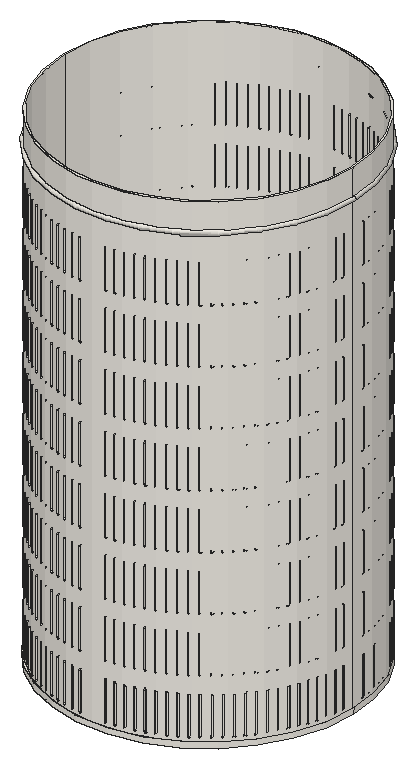
Revit family "Air Terminals_IVA", category Air Terminals, Revit 2017 (continued)
Definition of nested family "Void 6"
  Forms (mm)
    Extrusion 28, void
      sketch origin (0.004, -0.002, 600) x (0.494175, 0.869362, 0) y (0, 0, 1)
        loop
          arc (2.5, 100) -> (0, 102.5) -> (-2.5, 100) r 2.5
          line (-2.5, 100) -> (-2.5, 20)
          arc (-2.5, 20) -> (0, 17.5) -> (2.5, 20) r 2.5
          line (2.5, 20) -> (2.5, 100)
      from -319.154 to 326.21
    Extrusion 29, void
      sketch origin (0.004, -0.002, 600) x (0.398133, 0.917328, 0) y (0, 0, 1)
        loop
          arc (2.5, 100) -> (0, 102.5) -> (-2.5, 100) r 2.5
          line (-2.5, 100) -> (-2.5, 20)
          arc (-2.5, 20) -> (0, 17.5) -> (2.5, 20) r 2.5
          line (2.5, 20) -> (2.5, 100)
      from -319.154 to 326.21
    Extrusion 30, void
      sketch origin (0.004, -0.001, 600) x (0.297503, 0.954721, 0) y (0, 0, 1)
        loop
          arc (2.5, 100) -> (0, 102.5) -> (-2.5, 100) r 2.5
          line (-2.5, 100) -> (-2.5, 20)
          arc (-2.5, 20) -> (0, 17.5) -> (2.5, 20) r 2.5
          line (2.5, 20) -> (2.5, 100)
      from -319.154 to 326.21
    Extrusion 31, void
      sketch origin (0.004, -0.001, 600) x (0.193444, 0.981111, 0) y (0, 0, 1)
        loop
          arc (2.5, 100) -> (0, 102.5) -> (-2.5, 100) r 2.5
          line (-2.5, 100) -> (-2.5, 20)
          arc (-2.5, 20) -> (0, 17.5) -> (2.5, 20) r 2.5
          line (2.5, 20) -> (2.5, 100)
      from -319.154 to 326.21
  Cuts and joins
    Extrusion 4, Extrusion 5, Extrusion 6, Extrusion 7, Extrusion 8, Extrusion 9, Extrusion 10, Extrusion 11, Extrusion 12, Extrusion 13, Extrusion 14, Extrusion 15, Extrusion 16, Extrusion 17, Extrusion 18, Extrusion 19, Extrusion 20, Extrusion 21, Extrusion 22, Extrusion 23, Extrusion 24, Extrusion 25, Extrusion 26, Extrusion 27, Extrusion 28, Extrusion 29, Extrusion 30, Extrusion 31 cuts Extrusion 1
  Dimensions and locks
    "Maß A": plane 4 to level
    "Maß ØD-4": diameter of Extrusion 1 sketch curve
    "Maß ØD": diameter of Extrusion 1 sketch curve
    aligned and locked: level to plane 2
    aligned and locked: plane 4 to Extrusion 1
  Automatic sketch dimensions
    Extrusion 2 sketch curve to Extrusion 2 sketch curve = 80.0 mm
    Extrusion 2 sketch curve to Extrusion 2 sketch curve = 2.5 mm
    Extrusion 3 sketch curve to Extrusion 3 sketch curve = 80.0 mm
    Extrusion 3 sketch curve to Extrusion 3 sketch curve = 2.5 mm
    Extrusion 4 sketch curve to Extrusion 4 sketch curve = 2.5 mm
    Extrusion 4 sketch curve to Extrusion 4 sketch curve = 80.0 mm
    Extrusion 5 sketch curve to Extrusion 5 sketch curve = 2.5 mm
    Extrusion 5 sketch curve to Extrusion 5 sketch curve = 80.0 mm
    Extrusion 6 sketch curve to Extrusion 6 sketch curve = 2.5 mm
    Extrusion 6 sketch curve to Extrusion 6 sketch curve = 80.0 mm
    Extrusion 7 sketch curve to Extrusion 7 sketch curve = 2.5 mm
    Extrusion 7 sketch curve to Extrusion 7 sketch curve = 80.0 mm
    Extrusion 8 sketch curve to Extrusion 8 sketch curve = 2.5 mm
    Extrusion 8 sketch curve to Extrusion 8 sketch curve = 80.0 mm
    Extrusion 9 sketch curve to Extrusion 9 sketch curve = 2.5 mm
    Extrusion 9 sketch curve to Extrusion 9 sketch curve = 80.0 mm
    Extrusion 10 sketch curve to Extrusion 10 sketch curve = 2.5 mm
    Extrusion 10 sketch curve to Extrusion 10 sketch curve = 80.0 mm
    Extrusion 11 sketch curve to Extrusion 11 sketch curve = 2.5 mm
    Extrusion 11 sketch curve to Extrusion 11 sketch curve = 80.0 mm
    Extrusion 12 sketch curve to Extrusion 12 sketch curve = 2.5 mm
    Extrusion 12 sketch curve to Extrusion 12 sketch curve = 80.0 mm
    Extrusion 13 sketch curve to Extrusion 13 sketch curve = 2.5 mm
    Extrusion 13 sketch curve to Extrusion 13 sketch curve = 80.0 mm
    Extrusion 14 sketch curve to Extrusion 14 sketch curve = 2.5 mm
    Extrusion 14 sketch curve to Extrusion 14 sketch curve = 80.0 mm
    Extrusion 15 sketch curve to Extrusion 15 sketch curve = 2.5 mm
    Extrusion 15 sketch curve to Extrusion 15 sketch curve = 80.0 mm
    Extrusion 16 sketch curve to Extrusion 16 sketch curve = 2.5 mm
    Extrusion 16 sketch curve to Extrusion 16 sketch curve = 80.0 mm
    Extrusion 17 sketch curve to Extrusion 17 sketch curve = 2.5 mm
    Extrusion 17 sketch curve to Extrusion 17 sketch curve = 80.0 mm
    Extrusion 18 sketch curve to Extrusion 18 sketch curve = 2.5 mm
    Extrusion 18 sketch curve to Extrusion 18 sketch curve = 80.0 mm
    Extrusion 19 sketch curve to Extrusion 19 sketch curve = 2.5 mm
    Extrusion 19 sketch curve to Extrusion 19 sketch curve = 80.0 mm
    Extrusion 20 sketch curve to Extrusion 20 sketch curve = 2.5 mm
    Extrusion 20 sketch curve to Extrusion 20 sketch curve = 80.0 mm
    Extrusion 21 sketch curve to Extrusion 21 sketch curve = 2.5 mm
    Extrusion 21 sketch curve to Extrusion 21 sketch curve = 80.0 mm
    Extrusion 22 sketch curve to Extrusion 22 sketch curve = 2.5 mm
    Extrusion 22 sketch curve to Extrusion 22 sketch curve = 80.0 mm
    Extrusion 23 sketch curve to Extrusion 23 sketch curve = 2.5 mm
    Extrusion 23 sketch curve to Extrusion 23 sketch curve = 80.0 mm
    Extrusion 24 sketch curve to Extrusion 24 sketch curve = 2.5 mm
    Extrusion 24 sketch curve to Extrusion 24 sketch curve = 80.0 mm
    Extrusion 25 sketch curve to Extrusion 25 sketch curve = 2.5 mm
    Extrusion 25 sketch curve to Extrusion 25 sketch curve = 80.0 mm
    Extrusion 26 sketch curve to Extrusion 26 sketch curve = 2.5 mm
    Extrusion 26 sketch curve to Extrusion 26 sketch curve = 80.0 mm
    Extrusion 27 sketch curve to Extrusion 27 sketch curve = 2.5 mm
    Extrusion 27 sketch curve to Extrusion 27 sketch curve = 80.0 mm
    Extrusion 28 sketch curve to Extrusion 28 sketch curve = 2.5 mm
    Extrusion 28 sketch curve to Extrusion 28 sketch curve = 80.0 mm
    Extrusion 29 sketch curve to Extrusion 29 sketch curve = 2.5 mm
    Extrusion 29 sketch curve to Extrusion 29 sketch curve = 80.0 mm
    Extrusion 30 sketch curve to Extrusion 30 sketch curve = 2.5 mm
    Extrusion 30 sketch curve to Extrusion 30 sketch curve = 80.0 mm
    Extrusion 31 sketch curve to Extrusion 31 sketch curve = 2.5 mm
    Extrusion 31 sketch curve to Extrusion 31 sketch curve = 80.0 mm
    Extrusion 1 sketch curve to Extrusion 1 sketch curve = 0.0 mm  (x2)
    plane 1 "Center (Front/Back)" to Extrusion 1 sketch curve = 0.0 mm
    Extrusion 1 sketch curve to plane 3 "Center (Left/Right)" = 0.0 mm
Definition of nested family "Void 7"
  Parameters (values of type "Void 7")
    Void 7 = no
    Maß ØD-4 = Maß ØD - 6.0 mm  # 242.0 mm
    Maß ØD = 248.0 mm
    Maß A = 1059.5 mm
    Array radial = 14
  Reference planes
    plane 1 "Center (Front/Back)": y = 0
    plane 2: z = 0
    plane 3 "Center (Left/Right)": x = 0
    plane 4: z = 1059.5
  Forms (mm)
    Extrusion 1, solid
      sketch origin (0, 0, 0) x (1, 0, 0) y (0, 1, 0)
        loop
          circle (0, 0) r 124
        loop
          circle (0, 0) r 121
      from 0 to 1059.5
    Extrusion 2, void
      sketch origin (0, -0.004, 720) x (0.996195, -0.087156, 0) y (0, 0, 1)
        loop
          arc (2.5, 100) -> (0, 102.5) -> (-2.5, 100) r 2.5
          line (-2.5, 100) -> (-2.5, 20)
          arc (-2.5, 20) -> (0, 17.5) -> (2.5, 20) r 2.5
          line (2.5, 20) -> (2.5, 100)
      from -319.154 to 326.21
    Extrusion 3, void
      sketch origin (0, -0.004, 720) x (0.996195, 0.087156, 0) y (0, 0, 1)
        loop
          arc (2.5, 100) -> (0, 102.5) -> (-2.5, 100) r 2.5
          line (-2.5, 100) -> (-2.5, 20)
          arc (-2.5, 20) -> (0, 17.5) -> (2.5, 20) r 2.5
          line (2.5, 20) -> (2.5, 100)
      from -319.154 to 326.21
    Extrusion 4, void
      sketch origin (-0.004, 0, 720) x (0.087156, -0.996195, 0) y (0, 0, 1)
        loop
          arc (2.5, 100) -> (0, 102.5) -> (-2.5, 100) r 2.5
          line (-2.5, 100) -> (-2.5, 20)
          arc (-2.5, 20) -> (0, 17.5) -> (2.5, 20) r 2.5
          line (2.5, 20) -> (2.5, 100)
      from -319.154 to 326.21
    Extrusion 5, void
      sketch origin (-0.001, -0.004, 720) x (0.981111, -0.193444, 0) y (0, 0, 1)
        loop
          arc (2.5, 100) -> (0, 102.5) -> (-2.5, 100) r 2.5
          line (-2.5, 100) -> (-2.5, 20)
          arc (-2.5, 20) -> (0, 17.5) -> (2.5, 20) r 2.5
          line (2.5, 20) -> (2.5, 100)
      from -319.154 to 326.21
    Extrusion 6, void
      sketch origin (-0.001, -0.004, 720) x (0.954721, -0.297503, 0) y (0, 0, 1)
        loop
          arc (2.5, 100) -> (0, 102.5) -> (-2.5, 100) r 2.5
          line (-2.5, 100) -> (-2.5, 20)
          arc (-2.5, 20) -> (0, 17.5) -> (2.5, 20) r 2.5
          line (2.5, 20) -> (2.5, 100)
      from -319.154 to 326.21
    Extrusion 7, void
      sketch origin (-0.002, -0.004, 720) x (0.917328, -0.398133, 0) y (0, 0, 1)
        loop
          arc (2.5, 100) -> (0, 102.5) -> (-2.5, 100) r 2.5
          line (-2.5, 100) -> (-2.5, 20)
          arc (-2.5, 20) -> (0, 17.5) -> (2.5, 20) r 2.5
          line (2.5, 20) -> (2.5, 100)
      from -319.154 to 326.21
    Extrusion 8, void
      sketch origin (-0.002, -0.004, 720) x (0.869362, -0.494175, 0) y (0, 0, 1)
        loop
          arc (2.5, 100) -> (0, 102.5) -> (-2.5, 100) r 2.5
          line (-2.5, 100) -> (-2.5, 20)
          arc (-2.5, 20) -> (0, 17.5) -> (2.5, 20) r 2.5
          line (2.5, 20) -> (2.5, 100)
      from -319.154 to 326.21
    Extrusion 9, void
      sketch origin (-0.002, -0.003, 720) x (0.811378, -0.584522, 0) y (0, 0, 1)
        loop
          arc (2.5, 100) -> (0, 102.5) -> (-2.5, 100) r 2.5
          line (-2.5, 100) -> (-2.5, 20)
          arc (-2.5, 20) -> (0, 17.5) -> (2.5, 20) r 2.5
          line (2.5, 20) -> (2.5, 100)
      from -319.154 to 326.21
    Extrusion 10, void
      sketch origin (-0.003, -0.003, 720) x (0.744043, -0.668132, 0) y (0, 0, 1)
        loop
          arc (2.5, 100) -> (0, 102.5) -> (-2.5, 100) r 2.5
          line (-2.5, 100) -> (-2.5, 20)
          arc (-2.5, 20) -> (0, 17.5) -> (2.5, 20) r 2.5
          line (2.5, 20) -> (2.5, 100)
      from -319.154 to 326.21
    Extrusion 11, void
      sketch origin (-0.003, -0.003, 720) x (0.668132, -0.744043, 0) y (0, 0, 1)
        loop
          arc (2.5, 100) -> (0, 102.5) -> (-2.5, 100) r 2.5
          line (-2.5, 100) -> (-2.5, 20)
          arc (-2.5, 20) -> (0, 17.5) -> (2.5, 20) r 2.5
          line (2.5, 20) -> (2.5, 100)
      from -319.154 to 326.21
    Extrusion 12, void
      sketch origin (-0.003, -0.002, 720) x (0.584522, -0.811378, 0) y (0, 0, 1)
        loop
          arc (2.5, 100) -> (0, 102.5) -> (-2.5, 100) r 2.5
          line (-2.5, 100) -> (-2.5, 20)
          arc (-2.5, 20) -> (0, 17.5) -> (2.5, 20) r 2.5
          line (2.5, 20) -> (2.5, 100)
      from -319.154 to 326.21
    Extrusion 13, void
      sketch origin (-0.004, -0.002, 720) x (0.494175, -0.869362, 0) y (0, 0, 1)
        loop
          arc (2.5, 100) -> (0, 102.5) -> (-2.5, 100) r 2.5
          line (-2.5, 100) -> (-2.5, 20)
          arc (-2.5, 20) -> (0, 17.5) -> (2.5, 20) r 2.5
          line (2.5, 20) -> (2.5, 100)
      from -319.154 to 326.21
    Extrusion 14, void
      sketch origin (-0.004, -0.002, 720) x (0.398133, -0.917328, 0) y (0, 0, 1)
        loop
          arc (2.5, 100) -> (0, 102.5) -> (-2.5, 100) r 2.5
          line (-2.5, 100) -> (-2.5, 20)
          arc (-2.5, 20) -> (0, 17.5) -> (2.5, 20) r 2.5
          line (2.5, 20) -> (2.5, 100)
      from -319.154 to 326.21
    Extrusion 15, void
      sketch origin (-0.004, -0.001, 720) x (0.297503, -0.954721, 0) y (0, 0, 1)
        loop
          arc (2.5, 100) -> (0, 102.5) -> (-2.5, 100) r 2.5
          line (-2.5, 100) -> (-2.5, 20)
          arc (-2.5, 20) -> (0, 17.5) -> (2.5, 20) r 2.5
          line (2.5, 20) -> (2.5, 100)
      from -319.154 to 326.21
    Extrusion 16, void
      sketch origin (-0.004, -0.001, 720) x (0.193444, -0.981111, 0) y (0, 0, 1)
        loop
          arc (2.5, 100) -> (0, 102.5) -> (-2.5, 100) r 2.5
          line (-2.5, 100) -> (-2.5, 20)
          arc (-2.5, 20) -> (0, 17.5) -> (2.5, 20) r 2.5
          line (2.5, 20) -> (2.5, 100)
      from -319.154 to 326.21
    Extrusion 17, void
      sketch origin (0.004, 0, 720) x (0.087156, 0.996195, 0) y (0, 0, 1)
        loop
          arc (2.5, 100) -> (0, 102.5) -> (-2.5, 100) r 2.5
          line (-2.5, 100) -> (-2.5, 20)
          arc (-2.5, 20) -> (0, 17.5) -> (2.5, 20) r 2.5
          line (2.5, 20) -> (2.5, 100)
      from -319.154 to 326.21
    Extrusion 18, void
      sketch origin (0.001, -0.004, 720) x (0.981111, 0.193444, 0) y (0, 0, 1)
        loop
          arc (2.5, 100) -> (0, 102.5) -> (-2.5, 100) r 2.5
          line (-2.5, 100) -> (-2.5, 20)
          arc (-2.5, 20) -> (0, 17.5) -> (2.5, 20) r 2.5
          line (2.5, 20) -> (2.5, 100)
      from -319.154 to 326.21
    Extrusion 19, void
      sketch origin (0.001, -0.004, 720) x (0.954721, 0.297503, 0) y (0, 0, 1)
        loop
          arc (2.5, 100) -> (0, 102.5) -> (-2.5, 100) r 2.5
          line (-2.5, 100) -> (-2.5, 20)
          arc (-2.5, 20) -> (0, 17.5) -> (2.5, 20) r 2.5
          line (2.5, 20) -> (2.5, 100)
      from -319.154 to 326.21
    Extrusion 20, void
      sketch origin (0.002, -0.004, 720) x (0.917328, 0.398133, 0) y (0, 0, 1)
        loop
          arc (2.5, 100) -> (0, 102.5) -> (-2.5, 100) r 2.5
          line (-2.5, 100) -> (-2.5, 20)
          arc (-2.5, 20) -> (0, 17.5) -> (2.5, 20) r 2.5
          line (2.5, 20) -> (2.5, 100)
      from -319.154 to 326.21
    Extrusion 21, void
      sketch origin (0.002, -0.004, 720) x (0.869362, 0.494175, 0) y (0, 0, 1)
        loop
          arc (2.5, 100) -> (0, 102.5) -> (-2.5, 100) r 2.5
          line (-2.5, 100) -> (-2.5, 20)
          arc (-2.5, 20) -> (0, 17.5) -> (2.5, 20) r 2.5
          line (2.5, 20) -> (2.5, 100)
      from -319.154 to 326.21
    Extrusion 22, void
      sketch origin (0.002, -0.003, 720) x (0.811378, 0.584522, 0) y (0, 0, 1)
        loop
          arc (2.5, 100) -> (0, 102.5) -> (-2.5, 100) r 2.5
          line (-2.5, 100) -> (-2.5, 20)
          arc (-2.5, 20) -> (0, 17.5) -> (2.5, 20) r 2.5
          line (2.5, 20) -> (2.5, 100)
      from -319.154 to 326.21
    Extrusion 23, void
      sketch origin (0.003, -0.003, 720) x (0.744043, 0.668132, 0) y (0, 0, 1)
        loop
          arc (2.5, 100) -> (0, 102.5) -> (-2.5, 100) r 2.5
          line (-2.5, 100) -> (-2.5, 20)
          arc (-2.5, 20) -> (0, 17.5) -> (2.5, 20) r 2.5
          line (2.5, 20) -> (2.5, 100)
      from -319.154 to 326.21
    Extrusion 24, void
      sketch origin (0.003, -0.003, 720) x (0.668132, 0.744043, 0) y (0, 0, 1)
        loop
          arc (2.5, 100) -> (0, 102.5) -> (-2.5, 100) r 2.5
          line (-2.5, 100) -> (-2.5, 20)
          arc (-2.5, 20) -> (0, 17.5) -> (2.5, 20) r 2.5
          line (2.5, 20) -> (2.5, 100)
      from -319.154 to 326.21
    Extrusion 25, void
      sketch origin (0.003, -0.002, 720) x (0.584522, 0.811378, 0) y (0, 0, 1)
        loop
          arc (2.5, 100) -> (0, 102.5) -> (-2.5, 100) r 2.5
          line (-2.5, 100) -> (-2.5, 20)
          arc (-2.5, 20) -> (0, 17.5) -> (2.5, 20) r 2.5
          line (2.5, 20) -> (2.5, 100)
      from -319.154 to 326.21
    Extrusion 26, void
      sketch origin (0.004, -0.002, 720) x (0.494175, 0.869362, 0) y (0, 0, 1)
        loop
          arc (2.5, 100) -> (0, 102.5) -> (-2.5, 100) r 2.5
          line (-2.5, 100) -> (-2.5, 20)
          arc (-2.5, 20) -> (0, 17.5) -> (2.5, 20) r 2.5
          line (2.5, 20) -> (2.5, 100)
      from -319.154 to 326.21
    Extrusion 27, void
      sketch origin (0.004, -0.002, 720) x (0.398133, 0.917328, 0) y (0, 0, 1)
        loop
          arc (2.5, 100) -> (0, 102.5) -> (-2.5, 100) r 2.5
          line (-2.5, 100) -> (-2.5, 20)
          arc (-2.5, 20) -> (0, 17.5) -> (2.5, 20) r 2.5
          line (2.5, 20) -> (2.5, 100)
      from -319.154 to 326.21
    Extrusion 28, void
      sketch origin (0.004, -0.001, 720) x (0.297503, 0.954721, 0) y (0, 0, 1)
        loop
          arc (2.5, 100) -> (0, 102.5) -> (-2.5, 100) r 2.5
          line (-2.5, 100) -> (-2.5, 20)
          arc (-2.5, 20) -> (0, 17.5) -> (2.5, 20) r 2.5
          line (2.5, 20) -> (2.5, 100)
      from -319.154 to 326.21
    Extrusion 29, void
      sketch origin (0.004, -0.001, 720) x (0.193444, 0.981111, 0) y (0, 0, 1)
        loop
          arc (2.5, 100) -> (0, 102.5) -> (-2.5, 100) r 2.5
          line (-2.5, 100) -> (-2.5, 20)
          arc (-2.5, 20) -> (0, 17.5) -> (2.5, 20) r 2.5
          line (2.5, 20) -> (2.5, 100)
      from -319.154 to 326.21
  Cuts and joins
    Extrusion 2, Extrusion 3, Extrusion 4, Extrusion 5, Extrusion 6, Extrusion 7, Extrusion 8, Extrusion 9, Extrusion 10, Extrusion 11, Extrusion 12, Extrusion 13, Extrusion 14, Extrusion 15, Extrusion 16, Extrusion 17, Extrusion 18, Extrusion 19, Extrusion 20, Extrusion 21, Extrusion 22, Extrusion 23, Extrusion 24, Extrusion 25, Extrusion 26, Extrusion 27, Extrusion 28, Extrusion 29 cuts Extrusion 1
  Dimensions and locks
    "Maß A": plane 4 to level
    "Maß ØD-4": diameter of Extrusion 1 sketch curve
    "Maß ØD": diameter of Extrusion 1 sketch curve
    aligned and locked: level to plane 2
    aligned and locked: plane 4 to Extrusion 1
  Automatic sketch dimensions
    Extrusion 2 sketch curve to Extrusion 2 sketch curve = 2.5 mm
    Extrusion 2 sketch curve to Extrusion 2 sketch curve = 80.0 mm
    Extrusion 3 sketch curve to Extrusion 3 sketch curve = 2.5 mm
    Extrusion 3 sketch curve to Extrusion 3 sketch curve = 80.0 mm
    Extrusion 4 sketch curve to Extrusion 4 sketch curve = 2.5 mm
    Extrusion 4 sketch curve to Extrusion 4 sketch curve = 80.0 mm
    Extrusion 5 sketch curve to Extrusion 5 sketch curve = 2.5 mm
    Extrusion 5 sketch curve to Extrusion 5 sketch curve = 80.0 mm
    Extrusion 6 sketch curve to Extrusion 6 sketch curve = 2.5 mm
    Extrusion 6 sketch curve to Extrusion 6 sketch curve = 80.0 mm
    Extrusion 7 sketch curve to Extrusion 7 sketch curve = 2.5 mm
    Extrusion 7 sketch curve to Extrusion 7 sketch curve = 80.0 mm
    Extrusion 8 sketch curve to Extrusion 8 sketch curve = 2.5 mm
    Extrusion 8 sketch curve to Extrusion 8 sketch curve = 80.0 mm
    Extrusion 9 sketch curve to Extrusion 9 sketch curve = 2.5 mm
    Extrusion 9 sketch curve to Extrusion 9 sketch curve = 80.0 mm
    Extrusion 10 sketch curve to Extrusion 10 sketch curve = 2.5 mm
    Extrusion 10 sketch curve to Extrusion 10 sketch curve = 80.0 mm
    Extrusion 11 sketch curve to Extrusion 11 sketch curve = 2.5 mm
    Extrusion 11 sketch curve to Extrusion 11 sketch curve = 80.0 mm
    Extrusion 12 sketch curve to Extrusion 12 sketch curve = 2.5 mm
    Extrusion 12 sketch curve to Extrusion 12 sketch curve = 80.0 mm
    Extrusion 13 sketch curve to Extrusion 13 sketch curve = 2.5 mm
    Extrusion 13 sketch curve to Extrusion 13 sketch curve = 80.0 mm
    Extrusion 14 sketch curve to Extrusion 14 sketch curve = 2.5 mm
    Extrusion 14 sketch curve to Extrusion 14 sketch curve = 80.0 mm
    Extrusion 15 sketch curve to Extrusion 15 sketch curve = 2.5 mm
    Extrusion 15 sketch curve to Extrusion 15 sketch curve = 80.0 mm
    Extrusion 16 sketch curve to Extrusion 16 sketch curve = 2.5 mm
    Extrusion 16 sketch curve to Extrusion 16 sketch curve = 80.0 mm
    Extrusion 17 sketch curve to Extrusion 17 sketch curve = 2.5 mm
    Extrusion 17 sketch curve to Extrusion 17 sketch curve = 80.0 mm
    Extrusion 18 sketch curve to Extrusion 18 sketch curve = 2.5 mm
    Extrusion 18 sketch curve to Extrusion 18 sketch curve = 80.0 mm
    Extrusion 19 sketch curve to Extrusion 19 sketch curve = 2.5 mm
    Extrusion 19 sketch curve to Extrusion 19 sketch curve = 80.0 mm
    Extrusion 20 sketch curve to Extrusion 20 sketch curve = 2.5 mm
    Extrusion 20 sketch curve to Extrusion 20 sketch curve = 80.0 mm
    Extrusion 21 sketch curve to Extrusion 21 sketch curve = 2.5 mm
    Extrusion 21 sketch curve to Extrusion 21 sketch curve = 80.0 mm
    Extrusion 22 sketch curve to Extrusion 22 sketch curve = 2.5 mm
    Extrusion 22 sketch curve to Extrusion 22 sketch curve = 80.0 mm
    Extrusion 23 sketch curve to Extrusion 23 sketch curve = 2.5 mm
    Extrusion 23 sketch curve to Extrusion 23 sketch curve = 80.0 mm
    Extrusion 24 sketch curve to Extrusion 24 sketch curve = 2.5 mm
    Extrusion 24 sketch curve to Extrusion 24 sketch curve = 80.0 mm
    Extrusion 25 sketch curve to Extrusion 25 sketch curve = 2.5 mm
    Extrusion 25 sketch curve to Extrusion 25 sketch curve = 80.0 mm
    Extrusion 26 sketch curve to Extrusion 26 sketch curve = 2.5 mm
    Extrusion 26 sketch curve to Extrusion 26 sketch curve = 80.0 mm
    Extrusion 27 sketch curve to Extrusion 27 sketch curve = 2.5 mm
    Extrusion 27 sketch curve to Extrusion 27 sketch curve = 80.0 mm
    Extrusion 28 sketch curve to Extrusion 28 sketch curve = 2.5 mm
    Extrusion 28 sketch curve to Extrusion 28 sketch curve = 80.0 mm
    Extrusion 29 sketch curve to Extrusion 29 sketch curve = 2.5 mm
    Extrusion 29 sketch curve to Extrusion 29 sketch curve = 80.0 mm
    Extrusion 1 sketch curve to Extrusion 1 sketch curve = 0.0 mm  (x2)
    plane 1 "Center (Front/Back)" to Extrusion 1 sketch curve = 0.0 mm
    Extrusion 1 sketch curve to plane 3 "Center (Left/Right)" = 0.0 mm
Definition of nested family "Void 8"
  Parameters (values of type "Void 8")
    Void 8 = no
    Maß ØD-4 = Maß ØD - 6.0 mm  # 242.0 mm
    Maß ØD = 248.0 mm
    Maß A = 1059.5 mm
    Array radial = 14
  Reference planes
    plane 1 "Center (Front/Back)": y = 0
    plane 2: z = 0
    plane 3 "Center (Left/Right)": x = 0
    plane 4: z = 1059.5
  Forms (mm)
    Extrusion 1, solid
      sketch origin (0, 0, 0) x (1, 0, 0) y (0, 1, 0)
        loop
          circle (0, 0) r 124
        loop
          circle (0, 0) r 121
      from 0 to 1059.5
    Extrusion 2, void
      sketch origin (0, -0.004, 840) x (0.996195, -0.087156, 0) y (0, 0, 1)
        loop
          arc (2.5, 100) -> (0, 102.5) -> (-2.5, 100) r 2.5
          line (-2.5, 100) -> (-2.5, 20)
          arc (-2.5, 20) -> (0, 17.5) -> (2.5, 20) r 2.5
          line (2.5, 20) -> (2.5, 100)
      from -319.154 to 326.21
    Extrusion 3, void
      sketch origin (0, -0.004, 840) x (0.996195, 0.087156, 0) y (0, 0, 1)
        loop
          arc (2.5, 100) -> (0, 102.5) -> (-2.5, 100) r 2.5
          line (-2.5, 100) -> (-2.5, 20)
          arc (-2.5, 20) -> (0, 17.5) -> (2.5, 20) r 2.5
          line (2.5, 20) -> (2.5, 100)
      from -319.154 to 326.21
    Extrusion 4, void
      sketch origin (-0.004, 0, 840) x (0.087156, -0.996195, 0) y (0, 0, 1)
        loop
          arc (2.5, 100) -> (0, 102.5) -> (-2.5, 100) r 2.5
          line (-2.5, 100) -> (-2.5, 20)
          arc (-2.5, 20) -> (0, 17.5) -> (2.5, 20) r 2.5
          line (2.5, 20) -> (2.5, 100)
      from -319.154 to 326.21
    Extrusion 5, void
      sketch origin (-0.001, -0.004, 840) x (0.981111, -0.193444, 0) y (0, 0, 1)
        loop
          arc (2.5, 100) -> (0, 102.5) -> (-2.5, 100) r 2.5
          line (-2.5, 100) -> (-2.5, 20)
          arc (-2.5, 20) -> (0, 17.5) -> (2.5, 20) r 2.5
          line (2.5, 20) -> (2.5, 100)
      from -319.154 to 326.21
    Extrusion 6, void
      sketch origin (-0.001, -0.004, 840) x (0.954721, -0.297503, 0) y (0, 0, 1)
        loop
          arc (2.5, 100) -> (0, 102.5) -> (-2.5, 100) r 2.5
          line (-2.5, 100) -> (-2.5, 20)
          arc (-2.5, 20) -> (0, 17.5) -> (2.5, 20) r 2.5
          line (2.5, 20) -> (2.5, 100)
      from -319.154 to 326.21
    Extrusion 7, void
      sketch origin (-0.002, -0.004, 840) x (0.917328, -0.398133, 0) y (0, 0, 1)
        loop
          arc (2.5, 100) -> (0, 102.5) -> (-2.5, 100) r 2.5
          line (-2.5, 100) -> (-2.5, 20)
          arc (-2.5, 20) -> (0, 17.5) -> (2.5, 20) r 2.5
          line (2.5, 20) -> (2.5, 100)
      from -319.154 to 326.21
    Extrusion 8, void
      sketch origin (-0.002, -0.004, 840) x (0.869362, -0.494175, 0) y (0, 0, 1)
        loop
          arc (2.5, 100) -> (0, 102.5) -> (-2.5, 100) r 2.5
          line (-2.5, 100) -> (-2.5, 20)
          arc (-2.5, 20) -> (0, 17.5) -> (2.5, 20) r 2.5
          line (2.5, 20) -> (2.5, 100)
      from -319.154 to 326.21
    Extrusion 9, void
      sketch origin (-0.002, -0.003, 840) x (0.811378, -0.584522, 0) y (0, 0, 1)
        loop
          arc (2.5, 100) -> (0, 102.5) -> (-2.5, 100) r 2.5
          line (-2.5, 100) -> (-2.5, 20)
          arc (-2.5, 20) -> (0, 17.5) -> (2.5, 20) r 2.5
          line (2.5, 20) -> (2.5, 100)
      from -319.154 to 326.21
    Extrusion 10, void
      sketch origin (-0.003, -0.003, 840) x (0.744043, -0.668132, 0) y (0, 0, 1)
        loop
          arc (2.5, 100) -> (0, 102.5) -> (-2.5, 100) r 2.5
          line (-2.5, 100) -> (-2.5, 20)
          arc (-2.5, 20) -> (0, 17.5) -> (2.5, 20) r 2.5
          line (2.5, 20) -> (2.5, 100)
      from -319.154 to 326.21
    Extrusion 11, void
      sketch origin (-0.003, -0.003, 840) x (0.668132, -0.744043, 0) y (0, 0, 1)
        loop
          arc (2.5, 100) -> (0, 102.5) -> (-2.5, 100) r 2.5
          line (-2.5, 100) -> (-2.5, 20)
          arc (-2.5, 20) -> (0, 17.5) -> (2.5, 20) r 2.5
          line (2.5, 20) -> (2.5, 100)
      from -319.154 to 326.21
    Extrusion 12, void
      sketch origin (-0.003, -0.002, 840) x (0.584522, -0.811378, 0) y (0, 0, 1)
        loop
          arc (2.5, 100) -> (0, 102.5) -> (-2.5, 100) r 2.5
          line (-2.5, 100) -> (-2.5, 20)
          arc (-2.5, 20) -> (0, 17.5) -> (2.5, 20) r 2.5
          line (2.5, 20) -> (2.5, 100)
      from -319.154 to 326.21
    Extrusion 13, void
      sketch origin (-0.004, -0.002, 840) x (0.494175, -0.869362, 0) y (0, 0, 1)
        loop
          arc (2.5, 100) -> (0, 102.5) -> (-2.5, 100) r 2.5
          line (-2.5, 100) -> (-2.5, 20)
          arc (-2.5, 20) -> (0, 17.5) -> (2.5, 20) r 2.5
          line (2.5, 20) -> (2.5, 100)
      from -319.154 to 326.21
    Extrusion 14, void
      sketch origin (-0.004, -0.002, 840) x (0.398133, -0.917328, 0) y (0, 0, 1)
        loop
          arc (2.5, 100) -> (0, 102.5) -> (-2.5, 100) r 2.5
          line (-2.5, 100) -> (-2.5, 20)
          arc (-2.5, 20) -> (0, 17.5) -> (2.5, 20) r 2.5
          line (2.5, 20) -> (2.5, 100)
      from -319.154 to 326.21
    Extrusion 15, void
      sketch origin (-0.004, -0.001, 840) x (0.297503, -0.954721, 0) y (0, 0, 1)
        loop
          arc (2.5, 100) -> (0, 102.5) -> (-2.5, 100) r 2.5
          line (-2.5, 100) -> (-2.5, 20)
          arc (-2.5, 20) -> (0, 17.5) -> (2.5, 20) r 2.5
          line (2.5, 20) -> (2.5, 100)
      from -319.154 to 326.21
    Extrusion 16, void
      sketch origin (-0.004, -0.001, 840) x (0.193444, -0.981111, 0) y (0, 0, 1)
        loop
          arc (2.5, 100) -> (0, 102.5) -> (-2.5, 100) r 2.5
          line (-2.5, 100) -> (-2.5, 20)
          arc (-2.5, 20) -> (0, 17.5) -> (2.5, 20) r 2.5
          line (2.5, 20) -> (2.5, 100)
      from -319.154 to 326.21
    Extrusion 17, void
      sketch origin (0.004, 0, 840) x (0.087156, 0.996195, 0) y (0, 0, 1)
        loop
          arc (2.5, 100) -> (0, 102.5) -> (-2.5, 100) r 2.5
          line (-2.5, 100) -> (-2.5, 20)
          arc (-2.5, 20) -> (0, 17.5) -> (2.5, 20) r 2.5
          line (2.5, 20) -> (2.5, 100)
      from -319.154 to 326.21
    Extrusion 18, void
      sketch origin (0.001, -0.004, 840) x (0.981111, 0.193444, 0) y (0, 0, 1)
        loop
          arc (2.5, 100) -> (0, 102.5) -> (-2.5, 100) r 2.5
          line (-2.5, 100) -> (-2.5, 20)
          arc (-2.5, 20) -> (0, 17.5) -> (2.5, 20) r 2.5
          line (2.5, 20) -> (2.5, 100)
      from -319.154 to 326.21
    Extrusion 19, void
      sketch origin (0.001, -0.004, 840) x (0.954721, 0.297503, 0) y (0, 0, 1)
        loop
          arc (2.5, 100) -> (0, 102.5) -> (-2.5, 100) r 2.5
          line (-2.5, 100) -> (-2.5, 20)
          arc (-2.5, 20) -> (0, 17.5) -> (2.5, 20) r 2.5
          line (2.5, 20) -> (2.5, 100)
      from -319.154 to 326.21
    Extrusion 20, void
      sketch origin (0.002, -0.004, 840) x (0.917328, 0.398133, 0) y (0, 0, 1)
        loop
          arc (2.5, 100) -> (0, 102.5) -> (-2.5, 100) r 2.5
          line (-2.5, 100) -> (-2.5, 20)
          arc (-2.5, 20) -> (0, 17.5) -> (2.5, 20) r 2.5
          line (2.5, 20) -> (2.5, 100)
      from -319.154 to 326.21
    Extrusion 21, void
      sketch origin (0.002, -0.004, 840) x (0.869362, 0.494175, 0) y (0, 0, 1)
        loop
          arc (2.5, 100) -> (0, 102.5) -> (-2.5, 100) r 2.5
          line (-2.5, 100) -> (-2.5, 20)
          arc (-2.5, 20) -> (0, 17.5) -> (2.5, 20) r 2.5
          line (2.5, 20) -> (2.5, 100)
      from -319.154 to 326.21
    Extrusion 22, void
      sketch origin (0.002, -0.003, 840) x (0.811378, 0.584522, 0) y (0, 0, 1)
        loop
          arc (2.5, 100) -> (0, 102.5) -> (-2.5, 100) r 2.5
          line (-2.5, 100) -> (-2.5, 20)
          arc (-2.5, 20) -> (0, 17.5) -> (2.5, 20) r 2.5
          line (2.5, 20) -> (2.5, 100)
      from -319.154 to 326.21
    Extrusion 23, void
      sketch origin (0.003, -0.003, 840) x (0.744043, 0.668132, 0) y (0, 0, 1)
        loop
          arc (2.5, 100) -> (0, 102.5) -> (-2.5, 100) r 2.5
          line (-2.5, 100) -> (-2.5, 20)
          arc (-2.5, 20) -> (0, 17.5) -> (2.5, 20) r 2.5
          line (2.5, 20) -> (2.5, 100)
      from -319.154 to 326.21
    Extrusion 24, void
      sketch origin (0.003, -0.003, 840) x (0.668132, 0.744043, 0) y (0, 0, 1)
        loop
          arc (2.5, 100) -> (0, 102.5) -> (-2.5, 100) r 2.5
          line (-2.5, 100) -> (-2.5, 20)
          arc (-2.5, 20) -> (0, 17.5) -> (2.5, 20) r 2.5
          line (2.5, 20) -> (2.5, 100)
      from -319.154 to 326.21
    Extrusion 25, void
      sketch origin (0.003, -0.002, 840) x (0.584522, 0.811378, 0) y (0, 0, 1)
        loop
          arc (2.5, 100) -> (0, 102.5) -> (-2.5, 100) r 2.5
          line (-2.5, 100) -> (-2.5, 20)
          arc (-2.5, 20) -> (0, 17.5) -> (2.5, 20) r 2.5
          line (2.5, 20) -> (2.5, 100)
      from -319.154 to 326.21
    Extrusion 26, void
      sketch origin (0.004, -0.002, 840) x (0.494175, 0.869362, 0) y (0, 0, 1)
        loop
          arc (2.5, 100) -> (0, 102.5) -> (-2.5, 100) r 2.5
          line (-2.5, 100) -> (-2.5, 20)
          arc (-2.5, 20) -> (0, 17.5) -> (2.5, 20) r 2.5
          line (2.5, 20) -> (2.5, 100)
      from -319.154 to 326.21
    Extrusion 27, void
      sketch origin (0.004, -0.002, 840) x (0.398133, 0.917328, 0) y (0, 0, 1)
        loop
          arc (2.5, 100) -> (0, 102.5) -> (-2.5, 100) r 2.5
          line (-2.5, 100) -> (-2.5, 20)
          arc (-2.5, 20) -> (0, 17.5) -> (2.5, 20) r 2.5
          line (2.5, 20) -> (2.5, 100)
      from -319.154 to 326.21
    Extrusion 28, void
      sketch origin (0.004, -0.001, 840) x (0.297503, 0.954721, 0) y (0, 0, 1)
        loop
          arc (2.5, 100) -> (0, 102.5) -> (-2.5, 100) r 2.5
          line (-2.5, 100) -> (-2.5, 20)
          arc (-2.5, 20) -> (0, 17.5) -> (2.5, 20) r 2.5
          line (2.5, 20) -> (2.5, 100)
      from -319.154 to 326.21
    Extrusion 29, void
      sketch origin (0.004, -0.001, 840) x (0.193444, 0.981111, 0) y (0, 0, 1)
        loop
          arc (2.5, 100) -> (0, 102.5) -> (-2.5, 100) r 2.5
          line (-2.5, 100) -> (-2.5, 20)
          arc (-2.5, 20) -> (0, 17.5) -> (2.5, 20) r 2.5
          line (2.5, 20) -> (2.5, 100)
      from -319.154 to 326.21
  Cuts and joins
    Extrusion 2, Extrusion 3, Extrusion 4, Extrusion 5, Extrusion 6, Extrusion 7, Extrusion 8, Extrusion 9, Extrusion 10, Extrusion 11, Extrusion 12, Extrusion 13, Extrusion 14, Extrusion 15, Extrusion 16, Extrusion 17, Extrusion 18, Extrusion 19, Extrusion 20, Extrusion 21, Extrusion 22, Extrusion 23, Extrusion 24, Extrusion 25, Extrusion 26, Extrusion 27, Extrusion 28, Extrusion 29 cuts Extrusion 1
  Dimensions and locks
    "Maß A": plane 4 to level
    "Maß ØD-4": diameter of Extrusion 1 sketch curve
    "Maß ØD": diameter of Extrusion 1 sketch curve
    aligned and locked: level to plane 2
    aligned and locked: plane 4 to Extrusion 1
  Automatic sketch dimensions
    Extrusion 2 sketch curve to Extrusion 2 sketch curve = 2.5 mm
    Extrusion 2 sketch curve to Extrusion 2 sketch curve = 80.0 mm
    Extrusion 3 sketch curve to Extrusion 3 sketch curve = 2.5 mm
    Extrusion 3 sketch curve to Extrusion 3 sketch curve = 80.0 mm
    Extrusion 4 sketch curve to Extrusion 4 sketch curve = 2.5 mm
    Extrusion 4 sketch curve to Extrusion 4 sketch curve = 80.0 mm
    Extrusion 5 sketch curve to Extrusion 5 sketch curve = 2.5 mm
    Extrusion 5 sketch curve to Extrusion 5 sketch curve = 80.0 mm
    Extrusion 6 sketch curve to Extrusion 6 sketch curve = 2.5 mm
    Extrusion 6 sketch curve to Extrusion 6 sketch curve = 80.0 mm
    Extrusion 7 sketch curve to Extrusion 7 sketch curve = 2.5 mm
    Extrusion 7 sketch curve to Extrusion 7 sketch curve = 80.0 mm
    Extrusion 8 sketch curve to Extrusion 8 sketch curve = 2.5 mm
    Extrusion 8 sketch curve to Extrusion 8 sketch curve = 80.0 mm
    Extrusion 9 sketch curve to Extrusion 9 sketch curve = 2.5 mm
    Extrusion 9 sketch curve to Extrusion 9 sketch curve = 80.0 mm
    Extrusion 10 sketch curve to Extrusion 10 sketch curve = 2.5 mm
    Extrusion 10 sketch curve to Extrusion 10 sketch curve = 80.0 mm
    Extrusion 11 sketch curve to Extrusion 11 sketch curve = 2.5 mm
    Extrusion 11 sketch curve to Extrusion 11 sketch curve = 80.0 mm
    Extrusion 12 sketch curve to Extrusion 12 sketch curve = 2.5 mm
    Extrusion 12 sketch curve to Extrusion 12 sketch curve = 80.0 mm
    Extrusion 13 sketch curve to Extrusion 13 sketch curve = 2.5 mm
    Extrusion 13 sketch curve to Extrusion 13 sketch curve = 80.0 mm
    Extrusion 14 sketch curve to Extrusion 14 sketch curve = 2.5 mm
    Extrusion 14 sketch curve to Extrusion 14 sketch curve = 80.0 mm
    Extrusion 15 sketch curve to Extrusion 15 sketch curve = 2.5 mm
    Extrusion 15 sketch curve to Extrusion 15 sketch curve = 80.0 mm
    Extrusion 16 sketch curve to Extrusion 16 sketch curve = 2.5 mm
    Extrusion 16 sketch curve to Extrusion 16 sketch curve = 80.0 mm
    Extrusion 17 sketch curve to Extrusion 17 sketch curve = 2.5 mm
    Extrusion 17 sketch curve to Extrusion 17 sketch curve = 80.0 mm
    Extrusion 18 sketch curve to Extrusion 18 sketch curve = 2.5 mm
    Extrusion 18 sketch curve to Extrusion 18 sketch curve = 80.0 mm
    Extrusion 19 sketch curve to Extrusion 19 sketch curve = 2.5 mm
    Extrusion 19 sketch curve to Extrusion 19 sketch curve = 80.0 mm
    Extrusion 20 sketch curve to Extrusion 20 sketch curve = 2.5 mm
    Extrusion 20 sketch curve to Extrusion 20 sketch curve = 80.0 mm
    Extrusion 21 sketch curve to Extrusion 21 sketch curve = 2.5 mm
    Extrusion 21 sketch curve to Extrusion 21 sketch curve = 80.0 mm
    Extrusion 22 sketch curve to Extrusion 22 sketch curve = 2.5 mm
    Extrusion 22 sketch curve to Extrusion 22 sketch curve = 80.0 mm
    Extrusion 23 sketch curve to Extrusion 23 sketch curve = 2.5 mm
    Extrusion 23 sketch curve to Extrusion 23 sketch curve = 80.0 mm
    Extrusion 24 sketch curve to Extrusion 24 sketch curve = 2.5 mm
    Extrusion 24 sketch curve to Extrusion 24 sketch curve = 80.0 mm
    Extrusion 25 sketch curve to Extrusion 25 sketch curve = 2.5 mm
    Extrusion 25 sketch curve to Extrusion 25 sketch curve = 80.0 mm
    Extrusion 26 sketch curve to Extrusion 26 sketch curve = 2.5 mm
    Extrusion 26 sketch curve to Extrusion 26 sketch curve = 80.0 mm
    Extrusion 27 sketch curve to Extrusion 27 sketch curve = 2.5 mm
    Extrusion 27 sketch curve to Extrusion 27 sketch curve = 80.0 mm
    Extrusion 28 sketch curve to Extrusion 28 sketch curve = 2.5 mm
    Extrusion 28 sketch curve to Extrusion 28 sketch curve = 80.0 mm
    Extrusion 29 sketch curve to Extrusion 29 sketch curve = 2.5 mm
    Extrusion 29 sketch curve to Extrusion 29 sketch curve = 80.0 mm
    Extrusion 1 sketch curve to Extrusion 1 sketch curve = 0.0 mm  (x2)
    plane 1 "Center (Front/Back)" to Extrusion 1 sketch curve = 0.0 mm
    Extrusion 1 sketch curve to plane 3 "Center (Left/Right)" = 0.0 mm
Definition of nested family "Assembly up"
  Parameters (values of type "Assembly up")
    e = 100.0 mm
    d = 780.0 mm
    c = 50.0 mm
    b = 70.0 mm
    a = 40.0 mm
    Maß ØD+6 = Maß ØD + 6.0 mm  # 254.0 mm
    Maß ØD = 248.0 mm
    Maß A = 785.5 mm
  Reference planes
    plane 1 "Center (Front/Back)": y = 0
    plane 2: z = 0
    plane 3 "Center (Left/Right)": x = 0
    plane 4: x = -127
    plane 5: x = 127
    plane 6: z = 780
    plane 7: z = 730
    plane 8: z = 830
  Forms (mm)
    Extrusion 1, solid
      sketch origin (0, 0, 0) x (1, 0, 0) y (0, 1, 0)
        loop
          line (-125.415, 20) -> (-177, 20) -> (-177, -20) -> (-125.415, -20)
          arc (-125.415, -20) -> (-123.976, -27.55) -> (-122.082, -35) r 127
          line (-122.082, -35) -> (-118.958, -35)
          arc (-118.958, -35) -> (-121.228, -26.072) -> (-122.829, -17) r 124
          line (-122.829, -17) -> (-174, -17) -> (-174, 17) -> (-122.829, 17)
          arc (-122.829, 17) -> (-121.228, 26.072) -> (-118.958, 35) r 124
          line (-118.958, 35) -> (-122.082, 35)
          arc (-122.082, 35) -> (-123.976, 27.55) -> (-125.415, 20) r 127
      from 830 to 730
    Extrusion 2, void
      sketch origin (0, 0, 0) x (0, 1, 0) y (0, 0, 1)
        loop
          arc (-2, 785.657) -> (0, 769.911) -> (2, 785.657) r 8
          line (2, 785.657) -> (2, 800)
          arc (2, 800) -> (0, 802) -> (-2, 800) r 2
          line (-2, 800) -> (-2, 785.657)
      from -177 to -174
  Cuts and joins
    Extrusion 2 cuts Extrusion 1
  Lines and regions (mm)
    reference lines
      curve 1: circle (0, 0, 0) r 124 normal (0, 0, 1)
      curve 2: circle (0, 0, 0) r 127 normal (0, 0, 1)
  Dimensions and locks
    equal spacing: plane 4, plane 3 "Center (Left/Right)", plane 5
    "Maß ØD+6": plane 4 to plane 5
    equal spacing: Extrusion 1 sketch curve, plane 1 "Center (Front/Back)", Extrusion 1 sketch curve  (x2)
    "a": Extrusion 1 sketch curve to Extrusion 1 sketch curve
    locked: Extrusion 1 sketch curve to Extrusion 1 sketch curve at 3
    Extrusion 1 sketch curve to Extrusion 1 sketch curve = 3.0 mm  (x2)
    "c": Extrusion 1 sketch curve to plane 4
    "b": Extrusion 1 sketch curve to Extrusion 1 sketch curve
    "d": plane 6 to plane 2
    equal spacing: plane 8, plane 6, plane 7
    "e": plane 8 to plane 7
    "Maß ØD": diameter of curve 1
    "Maß ØD+6": diameter of curve 2
    aligned and locked: level to plane 2
    aligned and locked: Extrusion 1 sketch curve to curve 1  (x2)
    aligned and locked: Extrusion 1 sketch curve to curve 2  (x2)
    aligned and locked: plane 7 to Extrusion 1
    aligned and locked: plane 8 to Extrusion 1
    aligned and locked: Extrusion 1 to Extrusion 2  (x2)
  Automatic sketch dimensions
    Extrusion 2 sketch curve to plane 1 "Center (Front/Back)" = 0.0 mm
    Extrusion 2 sketch curve to plane 6 = 2.089 mm
    plane 1 "Center (Front/Back)" to Extrusion 2 sketch curve = 2.0 mm
    plane 6 to Extrusion 2 sketch curve = 20.0 mm
    plane 6 to Extrusion 2 sketch curve = 5.657 mm
    Extrusion 2 sketch curve to Extrusion 2 sketch curve = 0.0 mm
    curve 1 to curve 2 = 0.0 mm  (x2)
    plane 1 "Center (Front/Back)" to curve 2 = 0.0 mm
    curve 2 to plane 3 "Center (Left/Right)" = 0.0 mm
Definition of nested family "Assembly down"
  Parameters (values of type "Assembly down")
    e = 120.0 mm
    c = 25.0 mm
    b = 70.0 mm
    a = 40.0 mm
    Maß ØD+6 = Maß ØD + 6.0 mm  # 254.0 mm
    Maß ØD = 248.0 mm
    Maß A = 785.5 mm
  Reference planes
    plane 1 "Center (Front/Back)": y = 0
    plane 2: z = 0
    plane 3 "Center (Left/Right)": x = 0
    plane 4: x = -127
    plane 5: x = 127
    plane 6: z = 180
    plane 7: z = 240
    plane 8: z = 120
  Forms (mm)
    Extrusion 1, solid
      sketch origin (0, 0, 0) x (1, 0, 0) y (0, 1, 0)
        loop
          line (-125.415, 20) -> (-152, 20) -> (-152, -20) -> (-125.415, -20)
          arc (-125.415, -20) -> (-123.976, -27.55) -> (-122.082, -35) r 127
          line (-122.082, -35) -> (-118.958, -35)
          arc (-118.958, -35) -> (-121.228, -26.072) -> (-122.829, -17) r 124
          line (-122.829, -17) -> (-149, -17) -> (-149, 17) -> (-122.829, 17)
          arc (-122.829, 17) -> (-121.228, 26.072) -> (-118.958, 35) r 124
          line (-118.958, 35) -> (-122.082, 35)
          arc (-122.082, 35) -> (-123.976, 27.55) -> (-125.415, 20) r 127
      from 120 to 240
    Extrusion 2, void
      sketch origin (0, 0, 0) x (0, 1, 0) y (0, 0, 1)
        loop
          arc (-2, 185.657) -> (0, 169.911) -> (2, 185.657) r 8
          line (2, 185.657) -> (2, 200)
          arc (2, 200) -> (0, 202) -> (-2, 200) r 2
          line (-2, 200) -> (-2, 185.657)
      from -152 to -149
  Cuts and joins
    Extrusion 2 cuts Extrusion 1
  Lines and regions (mm)
    reference lines
      curve 1: circle (0, 0, 0) r 124 normal (0, 0, 1)
      curve 2: circle (0, 0, 0) r 127 normal (0, 0, 1)
  Dimensions and locks
    equal spacing: plane 4, plane 3 "Center (Left/Right)", plane 5
    "Maß ØD+6": plane 4 to plane 5
    equal spacing: Extrusion 1 sketch curve, plane 1 "Center (Front/Back)", Extrusion 1 sketch curve  (x2)
    "a": Extrusion 1 sketch curve to Extrusion 1 sketch curve
    locked: Extrusion 1 sketch curve to Extrusion 1 sketch curve at 3  (x3)
    "c": Extrusion 1 sketch curve to plane 4
    "b": Extrusion 1 sketch curve to Extrusion 1 sketch curve
    plane 6 to plane 2 = 180.0 mm
    equal spacing: plane 7, plane 6, plane 8
    "e": plane 7 to plane 8
    "Maß ØD": diameter of curve 1
    "Maß ØD+6": diameter of curve 2
    aligned and locked: level to plane 2
    aligned and locked: Extrusion 1 sketch curve to curve 1  (x2)
    aligned and locked: Extrusion 1 sketch curve to curve 2  (x2)
    aligned and locked: plane 7 to Extrusion 1
    aligned and locked: plane 8 to Extrusion 1
    aligned and locked: Extrusion 1 to Extrusion 2  (x2)
  Automatic sketch dimensions
    Extrusion 2 sketch curve to plane 1 "Center (Front/Back)" = 0.0 mm
    Extrusion 2 sketch curve to plane 6 = 2.089 mm
    plane 1 "Center (Front/Back)" to Extrusion 2 sketch curve = 2.0 mm
    plane 6 to Extrusion 2 sketch curve = 20.0 mm
    plane 6 to Extrusion 2 sketch curve = 5.657 mm
    Extrusion 2 sketch curve to Extrusion 2 sketch curve = 0.0 mm
    curve 1 to curve 2 = 0.0 mm  (x2)
    plane 1 "Center (Front/Back)" to curve 2 = 0.0 mm
    curve 2 to plane 3 "Center (Left/Right)" = 0.0 mm
Definition of nested family "L_up_down"
  Parameters (values of type "L_up_down")
    Maß ØD = 248.0 mm
    Maß A = 785.5 mm
  Reference planes
    plane 1 "Center (Front/Back)": y = 0
    plane 2: z = 0
    plane 3 "Center (Left/Right)": x = 0
  Forms (mm)
    Sweep 1, solid
      path origin (0, 0, 0) x (1, 0, 0) y (0, 1, 0)
        loop
          circle (0, 0) r 124
      profile "P_down : P_down" origin (0, 124, 0) x (0, -1, 0) y (0, 0, 1)
        loop
          line (0, 0) -> (0, 10) -> (-2, 10) -> (-2, -2) -> (20, -2) -> (20, 0) -> (0, 0)
    Sweep 2, solid
      path origin (0, 0, 0) x (1, 0, 0) y (0, 1, 0)
        loop
          circle (0, 0) r 124
      profile "P_up : P_up" origin (0, 124, 0) x (0, -1, 0) y (0, 0, 1)
        loop
          line (0, 720.5) -> (0, 730.5)
          arc (0, 730.5) -> (-5, 725.5) -> (0, 720.5) r 5
  Dimensions and locks
    "Maß ØD": diameter of Sweep 1 sketch curve
    "Maß ØD": diameter of Sweep 2 sketch curve
    aligned and locked: level to plane 2
  Automatic sketch dimensions
    plane 1 "Center (Front/Back)" to Sweep 1 sketch curve = 0.0 mm
    Sweep 1 sketch curve to plane 3 "Center (Left/Right)" = 0.0 mm
    plane 1 "Center (Front/Back)" to Sweep 2 sketch curve = 0.0 mm
    Sweep 2 sketch curve to plane 3 "Center (Left/Right)" = 0.0 mm
Definition of nested family "C_center"
  Parameters (values of type "C_center")
    Maß ØD-6 = Maß ØD - 6.0 mm  # 242.0 mm
    Maß ØD = 248.0 mm
    Maß A = 785.5 mm
  Reference planes
    plane 1 "Center (Front/Back)": y = 0
    plane 2: z = 0
    plane 3 "Center (Left/Right)": x = 0
  Forms (mm)
    Sweep 1, solid
      path origin (0, 0, 0) x (1, 0, 0) y (0, 1, 0)
        loop
          circle (0, 0) r 121
      profile "P_center : P_center" origin (0, 121, 0) x (0, -1, 0) y (0, 0, 1)
        loop
          line (10, 523.667) -> (0, 523.667) -> (0, 521.667) -> (10, 521.667)
          arc (10, 521.667) -> (36.87, 510.537) -> (48, 483.667) r 38
          line (48, 483.667) -> (48, 473.667) -> (50, 473.667) -> (50, 483.667)
          arc (50, 483.667) -> (38.284, 511.951) -> (10, 523.667) r 40
  Dimensions and locks
    "Maß ØD-6": diameter of Sweep 1 sketch curve
    aligned and locked: level to plane 2
  Automatic sketch dimensions
    plane 1 "Center (Front/Back)" to Sweep 1 sketch curve = 0.0 mm
    Sweep 1 sketch curve to plane 3 "Center (Left/Right)" = 0.0 mm
Definition of nested family "Medium_1"
  Parameters (values of type "Medium_1")
    Maß ØD-4 = Maß ØD - 6.0 mm  # 242.0 mm
    Maß ØD = 248.0 mm
    Maß A = 1059.5 mm
  Reference planes
    plane 1 "Center (Front/Back)": y = 0
    plane 2: z = 0
    plane 3 "Center (Left/Right)": x = 0
    plane 4: z = 1059.5
  Forms (mm)
    Extrusion 1, solid
      sketch origin (0, 0, 0) x (1, 0, 0) y (0, 1, 0)
        loop
          circle (0, 0) r 124
        loop
          circle (0, 0) r 121
      from 0 to 1059.5
  Dimensions and locks
    "Maß A": plane 4 to level
    "Maß ØD-4": diameter of Extrusion 1 sketch curve
    "Maß ØD": diameter of Extrusion 1 sketch curve
    aligned and locked: level to plane 2
    aligned and locked: plane 4 to Extrusion 1
  Automatic sketch dimensions
    Extrusion 1 sketch curve to Extrusion 1 sketch curve = 0.0 mm  (x2)
    plane 1 "Center (Front/Back)" to Extrusion 1 sketch curve = 0.0 mm
    Extrusion 1 sketch curve to plane 3 "Center (Left/Right)" = 0.0 mm
Definition of nested family "Medium_2"
  Parameters (values of type "Medium_2")
    e = 100.0 mm
    d = 780.0 mm
    c = 50.0 mm
    b = 70.0 mm
    a = 40.0 mm
    Maß ØD+6 = Maß ØD + 6.0 mm  # 254.0 mm
    Maß ØD = 248.0 mm
    Maß A = 785.5 mm
  Reference planes
    plane 1 "Center (Front/Back)": y = 0
    plane 2: z = 0
    plane 3 "Center (Left/Right)": x = 0
    plane 4: x = -127
    plane 5: x = 127
    plane 6: z = 780
    plane 7: z = 730
    plane 8: z = 830
  Forms (mm)
    Extrusion 1, solid
      sketch origin (0, 0, 0) x (1, 0, 0) y (0, 1, 0)
        loop
          line (-125.415, 20) -> (-177, 20) -> (-177, -20) -> (-125.415, -20)
          arc (-125.415, -20) -> (-123.976, -27.55) -> (-122.082, -35) r 127
          line (-122.082, -35) -> (-118.958, -35)
          arc (-118.958, -35) -> (-121.228, -26.072) -> (-122.829, -17) r 124
          line (-122.829, -17) -> (-174, -17) -> (-174, 17) -> (-122.829, 17)
          arc (-122.829, 17) -> (-121.228, 26.072) -> (-118.958, 35) r 124
          line (-118.958, 35) -> (-122.082, 35)
          arc (-122.082, 35) -> (-123.976, 27.55) -> (-125.415, 20) r 127
      from 830 to 730
  Lines and regions (mm)
    reference lines
      curve 1: circle (0, 0, 0) r 124 normal (0, 0, 1)
      curve 2: circle (0, 0, 0) r 127 normal (0, 0, 1)
  Dimensions and locks
    equal spacing: plane 4, plane 3 "Center (Left/Right)", plane 5
    "Maß ØD+6": plane 4 to plane 5
    equal spacing: Extrusion 1 sketch curve, plane 1 "Center (Front/Back)", Extrusion 1 sketch curve  (x2)
    "a": Extrusion 1 sketch curve to Extrusion 1 sketch curve
    locked: Extrusion 1 sketch curve to Extrusion 1 sketch curve at 3
    Extrusion 1 sketch curve to Extrusion 1 sketch curve = 3.0 mm  (x2)
    "c": Extrusion 1 sketch curve to plane 4
    "b": Extrusion 1 sketch curve to Extrusion 1 sketch curve
    "d": plane 6 to plane 2
    equal spacing: plane 8, plane 6, plane 7
    "e": plane 8 to plane 7
    "Maß ØD": diameter of curve 1
    "Maß ØD+6": diameter of curve 2
    aligned and locked: level to plane 2
    aligned and locked: Extrusion 1 sketch curve to curve 1  (x2)
    aligned and locked: Extrusion 1 sketch curve to curve 2  (x2)
    aligned and locked: plane 7 to Extrusion 1
    aligned and locked: plane 8 to Extrusion 1
  Automatic sketch dimensions
    curve 1 to curve 2 = 0.0 mm  (x2)
    plane 1 "Center (Front/Back)" to curve 2 = 0.0 mm
    curve 2 to plane 3 "Center (Left/Right)" = 0.0 mm
Definition of nested family "Medium_3"
  Parameters (values of type "Medium_3")
    e = 120.0 mm
    c = 25.0 mm
    b = 70.0 mm
    a = 40.0 mm
    Maß ØD+6 = Maß ØD + 6.0 mm  # 254.0 mm
    Maß ØD = 248.0 mm
    Maß A = 785.5 mm
  Reference planes
    plane 1 "Center (Front/Back)": y = 0
    plane 2: z = 0
    plane 3 "Center (Left/Right)": x = 0
    plane 4: x = -127
    plane 5: x = 127
    plane 6: z = 180
    plane 7: z = 240
    plane 8: z = 120
  Forms (mm)
    Extrusion 1, solid
      sketch origin (0, 0, 0) x (1, 0, 0) y (0, 1, 0)
        loop
          line (-125.415, 20) -> (-152, 20) -> (-152, -20) -> (-125.415, -20)
          arc (-125.415, -20) -> (-123.976, -27.55) -> (-122.082, -35) r 127
          line (-122.082, -35) -> (-118.958, -35)
          arc (-118.958, -35) -> (-121.228, -26.072) -> (-122.829, -17) r 124
          line (-122.829, -17) -> (-149, -17) -> (-149, 17) -> (-122.829, 17)
          arc (-122.829, 17) -> (-121.228, 26.072) -> (-118.958, 35) r 124
          line (-118.958, 35) -> (-122.082, 35)
          arc (-122.082, 35) -> (-123.976, 27.55) -> (-125.415, 20) r 127
      from 120 to 240
  Lines and regions (mm)
    reference lines
      curve 1: circle (0, 0, 0) r 124 normal (0, 0, 1)
      curve 2: circle (0, 0, 0) r 127 normal (0, 0, 1)
  Dimensions and locks
    equal spacing: plane 4, plane 3 "Center (Left/Right)", plane 5
    "Maß ØD+6": plane 4 to plane 5
    equal spacing: Extrusion 1 sketch curve, plane 1 "Center (Front/Back)", Extrusion 1 sketch curve  (x2)
    "a": Extrusion 1 sketch curve to Extrusion 1 sketch curve
    locked: Extrusion 1 sketch curve to Extrusion 1 sketch curve at 3  (x3)
    "c": Extrusion 1 sketch curve to plane 4
    "b": Extrusion 1 sketch curve to Extrusion 1 sketch curve
    plane 6 to plane 2 = 180.0 mm
    equal spacing: plane 7, plane 6, plane 8
    "e": plane 7 to plane 8
    "Maß ØD": diameter of curve 1
    "Maß ØD+6": diameter of curve 2
    aligned and locked: level to plane 2
    aligned and locked: Extrusion 1 sketch curve to curve 1  (x2)
    aligned and locked: Extrusion 1 sketch curve to curve 2  (x2)
    aligned and locked: plane 7 to Extrusion 1
    aligned and locked: plane 8 to Extrusion 1
  Automatic sketch dimensions
    curve 1 to curve 2 = 0.0 mm  (x2)
    plane 1 "Center (Front/Back)" to curve 2 = 0.0 mm
    curve 2 to plane 3 "Center (Left/Right)" = 0.0 mm
Types (9, lengths in mm): name | ∆p (Pa) | Void 8 | Maß ØD | Vo (m3/h) | Void 7 | vert. Eindringt. ymax (m) | Maß A | hori. Wurfw. xhor (m) | H_Assembly | DN | Array radial
  (no name) | "13/31/65" | yes | 628.0 | "4100/6400/9200" | yes | "9.7/14.0/18.9" | 1059.5 | "5.8/6.9/8.0" | 780.0 | 8 | 24
  IVA_DN 250 | "12/27/56" | no | 248.0 | "620/930/1350" | no | "3.5/4.9/6.6" | 785.5 | "0.8/0.9/1.1" | 540.0 | 1 | 14
  IVA_DN 315 | "14/30/58" | no | 313.0 | "1050/1550/2150" | no | "4.7/6.5/8.6" | 785.5 | "1.3/1.6/1.8" | 540.0 | 2 | 15
  IVA_DN 355 | "14/31/61" | no | 353.0 | "1350/2000/2800" | no | "5.5/7.5/9.9" | 843.5 | "1.7/2.0/2.3" | 540.0 | 3 | 16
  IVA_DN 400 | "15/32/62" | no | 398.0 | "1700/2500/3500" | no | "6.3/8.6/11.4" | 843.5 | "2.3/2.6/3.0" | 540.0 | 4 | 17
  IVA_DN 450 | "14/31/63" | no | 448.0 | "2100/3100/4400" | no | "7.0/9.7/13.0" | 843.5 | "2.9/3.4/3.9" | 540.0 | 5 | 18
  IVA_DN 500 | "14/32/63" | no | 498.0 | "2650/4000/5600" | yes | "7.9/11.0/14.6" | 951.5 | "3.6/4.3/4.9" | 660.0 | 6 | 20
  IVA_DN 560 | "13/31/63" | yes | 558.0 | "3300/5000/7100" | yes | "8.8/12.3/16.5" | 1059.5 | "4.6/5.4/6.2" | 780.0 | 7 | 22
  IVA_DN 630 | "13/31/65" | yes | 628.0 | "4100/6400/9200" | yes | "9.7/14.0/18.9" | 1059.5 | "5.8/6.9/8.0" | 780.0 | 8 | 24
